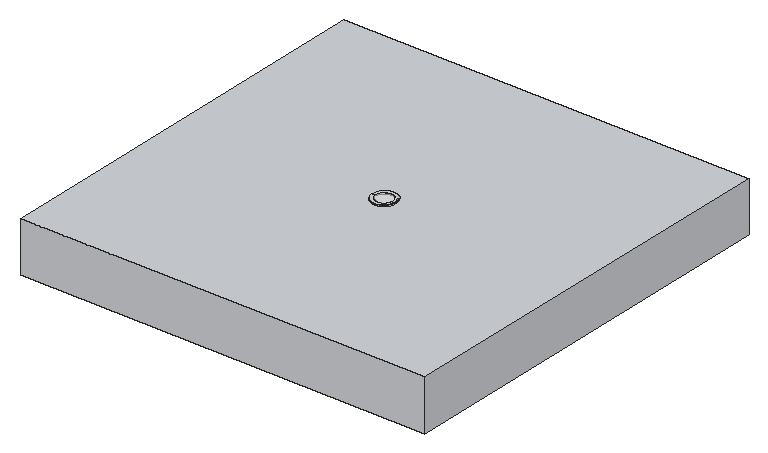
Revit family "ELDAR", category Luminaires, Revit 2021
Family settings
  Hôte = Face
  Cote de connecteur circulaire = Utiliser le diamètre
  Type d'élément = Normal
  Numéro OmniClass = 23.80.70.11.14.11
  Titre OmniClass = Downlights
  Couper avec des vides une fois chargée = Oui
  Source d'éclairage = Oui
  Partagée = Oui
  Point de calcul de pièce = Oui
Parameters (values of type "962601")
  Épaisseur collerette = 2 mm
  Épaisseur = 76 mm
  URL = "https://www.resistex-sa.com/fr/eldar-2781lm-4000k-bl-1016.html"
  Tension = 230 V  # constant formula
  built-in parameter 1150107 = 4000 (stored number, unit not read)
  Rayon corps = 62.5 mm
  Rayon collerette = 72.5 mm
  Wattage = 25 W
  built-in parameter 1150110 = 1 (stored number, unit not read)
  built-in parameter 1150109 = 1 (stored number, unit not read)
  built-in parameter 1114218 = 1 (stored number, unit not read)
  built-in parameter 1150113 = 1 (stored number, unit not read)
  built-in parameter 1150112 = 1 (stored number, unit not read)
  Nombre pôles = 1  # constant formula
  built-in parameter 1150137 = (empty or 0)
  built-in parameter 1150132 = (empty or 0)
  Modèle = "Eldar"  # constant formula
  Matériau collerette = PC Transparent
  built-in parameter 1150105 = 220.83 (stored number, unit not read)
  built-in parameter 1150102 = (empty or 0)
  Indice de charge = Eclairage
  Image du type = <Aucun>
  IP = "54"  # constant formula
  IK = "06"  # constant formula
  Gradation des changements de température de couleur de lampe = <Aucun>
  Garantie = "5 ans"  # constant formula
  Lumens = 2775 lm
  Color Filter = 16777215
  Fichier de distribution photométrique = "962601.ies"
  built-in parameter 1114217 = 1 (stored number, unit not read)
  built-in parameter 1150139 = (empty or 0)
  Fabricant = "Résistex"  # constant formula
  Emit from Circle Diameter = 609.6 mm
  Emit Shape Visible in Rendering = no
  Default Elevation = 0 mm
  built-in parameter 1150104 = 10.312 (stored number, unit not read)
  built-in parameter 1150106 = 2.2083 (stored number, unit not read)
  built-in parameter 1150115 = 1 (stored number, unit not read)
  built-in parameter 1150114 = 1 (stored number, unit not read)
  Diamètre intérieur = 101 mm
  Description = "Downlight équipé d'une COB, efficacité lumineuse de 111lm/W"
  Coût = 72.5
  built-in parameter 1150138 = (empty or 0)
  built-in parameter 1150134 = 12
  Commentaires relatifs à la puissance = "25W"
  Apparent Load = 25.51 VA
  Tilt Angle = 60.00°
  built-in parameter 1150133 = 10 (stored number, unit not read)
Types (5, lengths in mm): name | URL | built-in parameter 1150107 | Wattage | built-in parameter 1150105 | Lumens | Fichier de distribution photométrique | built-in parameter 1150104 | built-in parameter 1150106 | Description | Coût | built-in parameter 1150134 | Commentaires relatifs à la puissance | Apparent Load
  (no name) | "https://www.resistex-sa.com/fr/eldar-2781lm-4000k-bl-1016.html" | 4000 (stored number, unit not read) | 25 W | 220.83 (stored number, unit not read) | 2775 lm | "962601.ies" | 10.312 (stored number, unit not read) | 2.2083 (stored number, unit not read) | "Downlight équipé d'une COB, efficacité lumineuse de 111lm/W" | 72.5 | 12 | "25W" | 25.51 VA
  962600 | "https://www.resistex-sa.com/fr/eldar-2558lm-bl-3000k-1015.html" | 3000 (stored number, unit not read) | 23.5 W | 203.84 (stored number, unit not read) | 2561.5 lm | "962600.ies" | 10.126 (stored number, unit not read) | 2.0384 (stored number, unit not read) | "Downlight équipé d'une COB, efficacité lumineuse de 109lm/W" | 72.5 | (empty or 0) | "23.5W" | 23.98 VA
  962601 | "https://www.resistex-sa.com/fr/eldar-2781lm-4000k-bl-1016.html" | 4000 (stored number, unit not read) | 25 W | 220.83 (stored number, unit not read) | 2775 lm | "962601.ies" | 10.312 (stored number, unit not read) | 2.2083 (stored number, unit not read) | "Downlight équipé d'une COB, efficacité lumineuse de 111lm/W" | 72.5 | 12 | "25W" | 25.51 VA
  962603 | "https://www.resistex-sa.com/fr/eldar-2558lm-dali-3000k-1405.html" | 3000 (stored number, unit not read) | 23.5 W | 203.46 (stored number, unit not read) | 2556.8 lm | "962603.ies" | 10.108 (stored number, unit not read) | 2.0346 (stored number, unit not read) | "Downlight équipé d'une COB, efficacité lumineuse de 108.8lm/W" | 105 | (empty or 0) | "23.5W" | 23.98 VA
  962602 | "https://www.resistex-sa.com/fr/eldar-2781lm-dali-4000k-1321.html" | 4000 (stored number, unit not read) | 25 W | 220.83 (stored number, unit not read) | 2775 lm | "962602.ies" | 10.312 (stored number, unit not read) | 2.2083 (stored number, unit not read) | "Downlight équipé d'une COB, efficacité lumineuse de 111lm/W" | 105 | 12 | "25W" | 25.51 VA
Reference planes
  plane 1 "Centre (avant/arrière)": y = 0
  plane 2: z = 0
  plane 3 "Centre (gauche/droite)": x = 0
  plane 4 "Face collerette": z = 2
Forms (mm)
  Extrusion 1, solid
    sketch origin (0, 0, 0) x (1, 0, 0) y (0, 1, 0)
      loop
        line (-1219.2, 1219.2) -> (-1219.2, -1219.2) -> (1219.2, -1219.2) -> (1219.2, 1219.2) -> (-1219.2, 1219.2)
    from 0 to -304.8
  Revolve 2, solid
    sketch origin (0, 0, 0) x (1, 0, 0) y (0, 0, 1)
      loop
        line (0, 2) -> (-72.5, 2) -> (-72.5, 0) -> (-62.5, 0) -> (-62.5, -76) -> (0, -76) -> (0, 2)
      axis (0, 2) -> (0, -76)
    angle from 0 to 360
  Extrusion 3, void
    sketch origin (0, 0, 0) x (1, 0, 0) y (0, 1, 0)
      loop
        circle (0, 0) r 50.5
    from 0 to 3
  Extrusion 4, solid, material "PC Transparent" <- "Matériau collerette"
    sketch origin (0, 0, 0) x (1, 0, 0) y (0, 1, 0)
      loop
        circle (0, 0) r 50.5
    from 0 to 1
Cuts and joins
  Extrusion 3 cuts Revolve 2
Dimensions and locks
  "Rayon collerette": Revolve 2 sketch curve to imposter light
  "Rayon corps": Revolve 2 sketch curve to imposter light
  "Épaisseur collerette": Revolve 2 sketch curve to Extrusion 1
  "Épaisseur": Extrusion 1 to Revolve 2 sketch curve
  "Épaisseur collerette": plane 4 "Face collerette" to Extrusion 1
  "Diamètre intérieur": diameter of Extrusion 3 sketch curve
  "Diamètre intérieur": diameter of Extrusion 4 sketch curve
  aligned and locked: plane 2 to Extrusion 1
  aligned and locked: level to Extrusion 1
  aligned and locked: imposter light to Extrusion 3 sketch curve  (x2)
  aligned and locked: imposter light to Extrusion 4 sketch curve  (x2)
Automatic sketch dimensions
  Extrusion 1 sketch curve to Extrusion 1 sketch curve = 2438.4 mm  (x2)
  Revolve 2 sketch curve to plane 3 "Centre (gauche/droite)" = 0 mm  (x2)
  Revolve 2 sketch curve to level = 0 mm
  Revolve 2 sketch curve to Revolve 2 sketch curve = 18 mm
  Revolve 2 sketch curve to Revolve 2 sketch curve = 60 mm
Connectors
  electrical at (0, 0, 0), driven by "Nombre pôles", driven by "Tension", driven by "Indice de charge", driven by "Apparent Load"
    settings: on cut or joined group of Revolve 2, Extrusion 3, index 1, voltage 230 V, apparent load 0 VA, apparent load phase1 25.51 VA, apparent load phase2 0 VA, apparent load phase3 0 VA, power factor 1, load classification "Eclairage", number of poles 1, system type 31, power factor state 1, is connector primary yes, connector utility no, sub classification motor no, connector description ""
